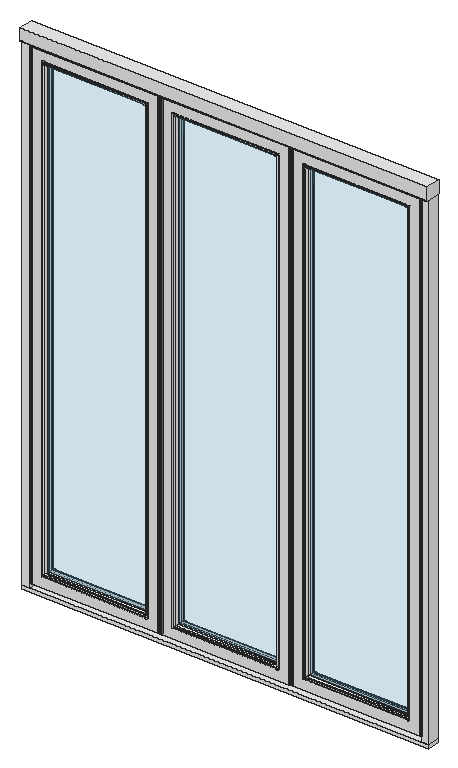
Revit family "Window-NanaWall-WA-67", category Windows, host Wall, Revit 2013 (continued)
Definition of nested family "Header_WA-67"
  Definition of nested family "Header_Nana_Walls-WD-67"
    Lines and regions (in)
      model lines, style "DetailComponents", in view "Ref. Level"
        curve 630: line (0.80709, -2.7874, 0) -> (0.5315, -2.7874, 0)
        curve 631: line (0.5315, -2.7874, 0) -> (0.5315, -2.8937, 0)
        curve 632: line (0.5315, -2.8937, 0) -> (0.59055, -2.8937, 0)
        curve 633: line (0.59055, -2.8937, 0) -> (0.59055, -2.91339, 0)
        curve 634: line (0.70866, -2.1889, 0) -> (0.80709, -2.13207, 0)
        curve 635: line (0.84646, -2.6811, 0) -> (0.84646, -2.93307, 0)
        curve 636: line (0.84646, -2.93307, 0) -> (0.7874, -2.93307, 0)
        curve 637: line (0.82677, -2.36614, 0) -> (0.7874, -2.36614, 0)
        curve 638: line (0.7874, -2.36614, 0) -> (0.7874, -2.31102, 0)
        curve 639: line (0.7874, -2.31102, 0) -> (0.5315, -2.31102, 0)
        curve 640: line (0.5315, -2.31102, 0) -> (0.5315, -2.71654, 0)
        curve 641: line (0.5315, -2.71654, 0) -> (0.7874, -2.71654, 0)
        curve 642: line (0.7874, -2.71654, 0) -> (0.7874, -2.66142, 0)
        curve 643: line (0.7874, -2.66142, 0) -> (0.82677, -2.66142, 0)
        curve 644: line (0.84646, -2.06388, 0) -> (0.84646, -1.43421, 0)
        curve 645: line (0.84646, -1.43421, 0) -> (0.83465, -1.29921, 0)
        curve 646: line (0.83465, -1.29921, 0) -> (0.83465, -0.8903, 0)
        curve 647: line (0.73326, -1.02362, 0) -> (0.6708, -1.02362, 0)
        curve 648: line (0.6708, -1.02362, 0) -> (0.65598, -1.0088, 0)
        curve 649: line (0.3622, -0.51575, 0) -> (0.07951, -0.51575, 0)
        curve 650: line (0.07951, -0.51575, 0) -> (0.05906, -0.50394, 0)
        curve 651: line (0.05906, -0.50394, 0) -> (0.0386, -0.51575, 0)
        curve 652: line (0.0386, -0.51575, 0) -> (-0.24409, -0.51575, 0)
        curve 653: line (0.5448, -1.0088, 0) -> (0.52998, -1.02362, 0)
        curve 654: line (0.52998, -1.02362, 0) -> (0.46752, -1.02362, 0)
        curve 655: line (0.40157, -0.70472, 0) -> (0.40157, -0.55512, 0)
        curve 656: line (0.83068, -0.33974, 0) -> (0.84154, -0.29921, 0)
        curve 657: line (0.84154, -0.29921, 0) -> (0.88583, -0.29921, 0)
        curve 658: line (0.88583, -0.29921, 0) -> (0.88583, -0.35433, 0)
        curve 659: line (0.88583, -0.35433, 0) -> (0.94488, -0.33851, 0)
        curve 660: line (0.94488, -0.33851, 0) -> (0.94488, 0, 0)
        curve 661: line (0.94488, 0, 0) -> (0.76386, 0, 0)
        curve 662: line (0.76386, 0, 0) -> (0.74803, -0.05906, 0)
        curve 663: line (0.74803, -0.05906, 0) -> (0.87402, -0.05906, 0)
        curve 664: line (0.87402, -0.05906, 0) -> (0.87402, -0.22047, 0)
        curve 665: line (0.87402, -0.22047, 0) -> (0.40157, -0.22047, 0)
        curve 666: line (0.40157, -0.22047, 0) -> (0.40157, -0.05906, 0)
        curve 667: line (0.40157, -0.05906, 0) -> (0.45276, -0.05906, 0)
        curve 668: line (0.45276, -0.05906, 0) -> (0.43693, 0, 0)
        curve 669: line (0.43693, 0, 0) -> (0.23622, 0, 0)
        curve 670: line (0.23622, 0, 0) -> (0.23622, -0.07087, 0)
        curve 671: line (0.32283, -0.22047, 0) -> (0.32283, -0.07087, 0)
        curve 672: line (0.32283, -0.07087, 0) -> (0.23622, -0.07087, 0)
        curve 673: line (0.84646, -2.34646, 0) -> (0.84646, -2.23209, 0)
        curve 674: line (0.84646, -2.23209, 0) -> (0.94488, -2.17526, 0)
        curve 675: line (0.94488, -2.17526, 0) -> (0.94488, -0.66543, 0)
        curve 676: line (0.94488, -0.66543, 0) -> (0.88583, -0.64961, 0)
        curve 677: line (0.88583, -0.64961, 0) -> (0.88583, -0.70472, 0)
        curve 678: line (0.88583, -0.70472, 0) -> (0.84154, -0.70472, 0)
        curve 679: line (0.84154, -0.70472, 0) -> (0.83068, -0.6642, 0)
        curve 680: line (0.81167, -0.64961, 0) -> (0.76772, -0.64961, 0)
        curve 681: line (0.76772, -0.64961, 0) -> (0.78249, -0.70472, 0)
        curve 682: line (0.78249, -0.70472, 0) -> (0.51181, -0.70472, 0)
        curve 683: line (0.51181, -0.70472, 0) -> (0.51181, -0.29921, 0)
        curve 684: line (0.51181, -0.29921, 0) -> (0.78249, -0.29921, 0)
        curve 685: line (0.78249, -0.29921, 0) -> (0.76772, -0.35433, 0)
        curve 686: line (0.76772, -0.35433, 0) -> (0.81167, -0.35433, 0)
        curve 769: line (-1.16142, -2.93307, 0) -> (-1.16142, -2.87402, 0)
        curve 770: line (-1.16142, -2.87402, 0) -> (-1.44488, -2.87402, 0)
        curve 771: line (-1.44488, -2.87402, 0) -> (-1.44488, -2.24606, 0)
        curve 772: line (-1.44488, -2.24606, 0) -> (-1.16142, -2.24606, 0)
        curve 773: line (-1.16142, -2.24606, 0) -> (-1.16142, -2.16732, 0)
        curve 774: line (-1.16142, -2.16732, 0) -> (-1.44488, -2.16732, 0)
        curve 775: line (-1.44488, -2.16732, 0) -> (-1.44488, -2.04528, 0)
        curve 776: line (-1.44488, -2.04528, 0) -> (-1.16142, -2.04528, 0)
        curve 777: line (-1.16142, -2.04528, 0) -> (-1.16142, -1.96654, 0)
        curve 778: line (-1.16142, -1.96654, 0) -> (-1.44488, -1.96654, 0)
        curve 779: line (-1.44488, -1.96654, 0) -> (-1.44488, -1.18307, 0)
        curve 780: line (-1.44488, -1.18307, 0) -> (-1.16142, -1.18307, 0)
        curve 781: line (-1.16142, -1.18307, 0) -> (-1.16142, -1.10433, 0)
        curve 782: line (-1.16142, -1.10433, 0) -> (-1.44488, -1.10433, 0)
        curve 783: line (-1.44488, -1.10433, 0) -> (-1.44488, -0.98228, 0)
        curve 784: line (-1.44488, -0.98228, 0) -> (-1.16142, -0.98228, 0)
        curve 785: line (-1.16142, -0.98228, 0) -> (-1.16142, -0.90354, 0)
        curve 786: line (-1.16142, -0.90354, 0) -> (-1.44488, -0.90354, 0)
        curve 787: line (-1.44488, -0.90354, 0) -> (-1.44488, -0.05906, 0)
        curve 788: line (-1.44488, -0.05906, 0) -> (-1.51575, -0.05906, 0)
        curve 789: line (-1.51575, -0.05906, 0) -> (-1.51575, -4.15354, 0)
        curve 790: line (-1.16142, -2.93307, 0) -> (-1.44488, -2.93307, 0)
        curve 791: line (-1.44488, -2.93307, 0) -> (-1.44488, -3.98425, 0)
        curve 792: line (-1.44488, -3.98425, 0) -> (-1.33858, -3.98425, 0)
        curve 793: line (-1.33858, -3.98425, 0) -> (-1.33858, -4.07087, 0)
        curve 794: line (-1.33858, -4.07087, 0) -> (-1.37795, -4.07087, 0)
        curve 795: line (-1.37795, -4.07087, 0) -> (-1.37795, -4.02362, 0)
        curve 796: line (-1.37795, -4.02362, 0) -> (-1.42913, -4.02362, 0)
        curve 797: line (-1.42913, -4.02362, 0) -> (-1.42913, -4.24016, 0)
        curve 798: line (-1.42913, -4.24016, 0) -> (-1.37795, -4.24016, 0)
        curve 799: line (-1.37795, -4.24016, 0) -> (-1.37795, -4.19291, 0)
        curve 800: line (-1.37795, -4.19291, 0) -> (-1.33858, -4.19291, 0)
        curve 801: line (-1.33858, -4.19291, 0) -> (-1.33858, -4.29134, 0)
Definition of nested family "DetailItem_Panel"
  Parameters (values of type "DetailItem_Panel")
    Panel Thickness = 0' - 1 3/4"
    Panel Width = 0' - 11.81094"
    Assembly Code = ""
  Reference planes (in)
    plane 1 "Center (Front/Back)": y = -1.66017
    plane 2: z = 0
    plane 3 "Center (Left/Right)": x = 0.04527
    plane 4 "Right": x = 0.92027
    plane 5: x = -0.82973
    plane 6 "Back": y = 4.2453
    plane 7: y = -7.56564
  Lines and regions (in)
    detail lines, in view "Ref. Level"
      curve 1: line (-0.82973, 4.2453, 0) -> (-0.82973, -7.56564, 0)
      curve 2: line (-0.82973, 4.2453, 0) -> (0.92027, 4.2453, 0)
      curve 3: line (0.92027, 4.2453, 0) -> (0.92027, -7.56564, 0)
      curve 4: line (-0.82973, -7.56564, 0) -> (0.92027, -7.56564, 0)
  Dimensions and locks (in)
    equal spacing: plane 5, plane 3 "Center (Left/Right)", plane 4 "Right"
    "Panel Thickness": plane 5 to plane 4 "Right"
    equal spacing: plane 6 "Back", plane 1 "Center (Front/Back)", plane 7
    "Panel Width": plane 6 "Back" to plane 7
    aligned and locked: curve 1 to plane 5
    aligned and locked: curve 2 to plane 6 "Back"
    aligned and locked: curve 3 to plane 4 "Right"
    aligned and locked: curve 4 to plane 7
